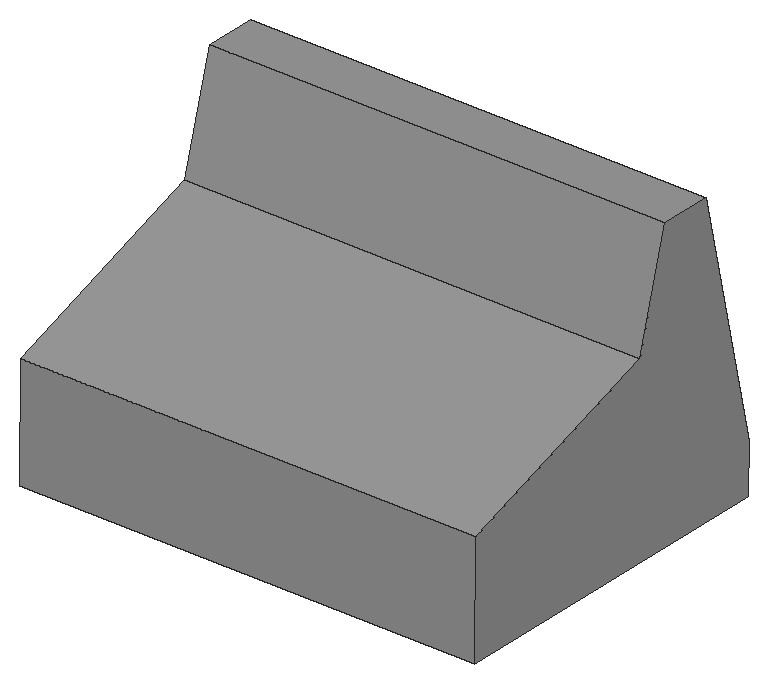
Revit family "Surgical_Scrub_Sink-Willoughby-WSSS-ADA-1", category Plumbing Fixtures, Revit 2015
Parameters (values of type "Standard")
  Waste DIA = 1 1/2"
  Waste Connection = yes
  Vent Connection = no
  URL = "https://www.willoughby-ind.com/wp-content/uploads/2018/01/WSSS-ADA.pdf"
  Revision = "A"
  Model = "WSSS-ADA-1"
  Manufacturer = "Willoughby Industries"
  HW Connection = no
  Fixture Body = Stainless Steel AISI 304-Willoughby
  Description = "ADA-Compliant Surgical Scrub Sink, Single Station"
  Default Elevation = 0' - 0"
  Contact = "800-428-4065"
  CW Connection = no
Reference planes (in)
  plane 1 "Center (Front/Back)": y = 0
  plane 2: z = 0
  plane 3 "Center (Left/Right)": x = 0
  plane 4 "Waste HGT": y = 25
  plane 5 "Bottom Of Sink": y = 16.75
  plane 6 "Top Of Unit": y = 56
  plane 7: x = -16
  plane 8: x = 16
  plane 9: x = -14
  plane 10: x = 14
Forms (in)
  Extrusion 1, solid, material "Stainless Steel AISI 304-Willoughby" <- "Fixture Body"
    sketch origin (0, 0, 0) x (0, 1, 0) y (0, 0, 1)
      loop
        line (15.75, 0) -> (42.75, 0) -> (42.75, 3.9375) -> (32.5625, 3.9375) -> (32.5625, 13.4375) -> (39.01384, 20.69526) -> (38.5, 23) -> (34.5, 23) -> (32, 14.5) -> (15.75, 9) -> (15.75, 0)
    from -16.5 to 16.5
  Extrusion 2, solid, material "Stainless Steel AISI 304-Willoughby" <- "Fixture Body"
    sketch origin (0, 0, 0) x (0, 1, 0) y (0, 0, 1)
      loop
        line (15.75, 9) -> (15.75, 0) -> (42.75, 0) -> (42.75, 3.9375) -> (38.5, 23) -> (34.5, 23) -> (32, 14.5) -> (15.75, 9)
    from -16.5 to -18
  Extrusion 3, solid, material "Stainless Steel AISI 304-Willoughby" <- "Fixture Body"
    sketch origin (0, 0, 0) x (0, 1, 0) y (0, 0, 1)
      loop
        line (15.75, 0) -> (42.75, 0) -> (42.75, 3.9375) -> (38.5, 23) -> (34.5, 23) -> (32, 14.5) -> (15.75, 9) -> (15.75, 0)
    from 16.5 to 18
  Revolve 4, solid, material "Stainless Steel AISI 304-Willoughby" <- "Fixture Body", detail levels fine
    sketch origin (-3.125, 25, 0) x (-1, 0, 0) y (0, 0, 1)
      loop
        line (0, 0) -> (0.75, 0) -> (0.75, 3.5) -> (0, 3.5) -> (0, 0)
      axis (0, 3.5) -> (0, 0)
    angle from 0 to 360
  Sweep 5, solid
    path origin (0, -9.24468, 19.22696) x (0, 0.906308, -0.422618) y (0, 0.422618, 0.906308)
      loop
        line (54.41518, 6.33615) -> (61.18417, 9.49258)
        arc (61.18417, 9.49258) -> (62.55966, 13.27172) -> (58.78053, 14.64721) r 2.84375
        line (58.78053, 14.64721) -> (57.67596, 14.13214)
    profile origin (0, 46.48437, 1.97261) x (0, 0, 1) y (1, 0, 0)
      loop
        circle (-0.00386, 0) r 0.375
  Extrusion 6, solid
    sketch origin (15, 0, 0) x (1, 0, 0) y (0, 1, 0)
      loop
        circle (-6, 25) r 0.25
      loop
        circle (-9, 25) r 0.25
    from 0 to 1
Cuts and joins
  joined: Extrusion 1, Extrusion 2, Extrusion 3
Lines and regions (in)
  symbolic lines
    curve 1: line (16, 56, 0) -> (16, 16.75, 0)
    curve 2: line (16, 16.75, 0) -> (-16, 16.75, 0)
    curve 3: line (-16, 16.75, 0) -> (-16, 56, 0)
    curve 4: line (-16, 56, 0) -> (16, 56, 0)
    curve 14: line (0, 44.77947, 27) -> (0, 16.75, 27)
    curve 15: line (0, 16.75, 27) -> (0, 16.75, 0)
    curve 16: line (0, 16.75, 0) -> (0, 56, 0)
    curve 17: line (0, 56, 0) -> (0, 56, 2.9375)
    curve 18: line (0, 56, 2.9375) -> (0, 44.77947, 27)
    curve 19: line (-16, 25, 0) -> (16, 25, 0)
    curve 20: line (16, 25, 0) -> (16, 25, 27)
    curve 21: line (16, 25, 27) -> (-16, 25, 27)
    curve 22: line (-16, 25, 27) -> (-16, 25, 0)
    curve 23: line (16, 25, 2.9375) -> (-16, 25, 2.9375)
  symbolic lines, detail levels medium+fine
    curve 5: line (14, 52.8125, 0) -> (14, 32.125, 0)
    curve 6: line (14, 32.125, 0) -> (-14, 32.125, 0)
    curve 7: line (-14, 32.125, 0) -> (-14, 52.8125, 0)
    curve 8: line (-14, 52.8125, 0) -> (14, 52.8125, 0)
    curve 24: line (14, 25, 8.25) -> (14, 25, 25.25)
    curve 25: line (14, 25, 25.25) -> (-14, 25, 25.25)
    curve 26: line (-14, 25, 25.25) -> (-14, 25, 8.25)
    curve 27: line (-14, 25, 8.25) -> (14, 25, 8.25)
  symbolic lines, detail levels fine
    curve 9: line (-14, 48.4375, 0) -> (14, 48.4375, 0)
    curve 10: line (-14, 40.9375, 0) -> (14, 40.9375, 0)
    curve 11: line (-14, 34.9375, 0) -> (14, 34.9375, 0)
    curve 12: line (-16, 44.77947, 0) -> (-14, 44.77947, 0)
    curve 13: line (14, 44.77947, 0) -> (16, 44.77947, 0)
    curve 28: line (14, 25, 14.6875) -> (-14, 25, 14.6875)
    curve 29: line (-14, 25, 9.77312) -> (14, 25, 9.77312)
Dimensions and locks (in)
  cut or joined group of Extrusion 1, Extrusion 2, Extrusion 3 to cut or joined group of Extrusion 1, Extrusion 2, Extrusion 3 = 3' - 0"
  aligned and locked: Revolve 4 sketch curve to Revolve 4 sketch curve  (x2)
  aligned and locked: Extrusion 3 to Extrusion 1
  aligned and locked: Extrusion 1 to Extrusion 2
  aligned and locked: Extrusion 1 sketch curve to cut or joined group of Extrusion 1, Extrusion 2, Extrusion 3
Connectors (in)
  piping at (-3.125, 25, 0), diameter 1.5, driven by "Waste DIA", driven by "Waste Connection"
    settings: on Revolve 4, index 1, connector inside diameter 24", connector length 0' - 0", flow factor 0, pipe flow 0 GPM, pressure drop 0.00 psi, fitting loss kfactor 0, connector angle 0.00°, fixture units 0, engagement length 0' - 0", angle of deflection 0.00°, flow configuration 0, flow direction 2, fitting loss method 0, system type 16, joint type 0, gender type 0, connector reference index -1, connector utility 1, adjustable connector no, is connector primary yes, connector description "Sink Waste"
  piping at (9, 25, 1), diameter 0.5
    settings: on Extrusion 6, index 2, connector inside diameter 24", connector length 0' - 0", flow factor 0, pipe flow 0 GPM, pressure drop 0.00 psi, fitting loss kfactor 0, connector angle 0.00°, fixture units 0, engagement length 0' - 0", angle of deflection 0.00°, flow configuration 0, flow direction 0, fitting loss method 0, system type 20, joint type 0, gender type 0, connector reference index -1, connector utility 0, adjustable connector no, is connector primary no, connector description ""
  piping at (6, 25, 1), diameter 0.5
    settings: on Extrusion 6, index 3, connector inside diameter 24", connector length 0' - 0", flow factor 0, pipe flow 0 GPM, pressure drop 0.00 psi, fitting loss kfactor 0, connector angle 0.00°, fixture units 0, engagement length 0' - 0", angle of deflection 0.00°, flow configuration 0, flow direction 0, fitting loss method 0, system type 19, joint type 0, gender type 0, connector reference index -1, connector utility 0, adjustable connector no, is connector primary no, connector description ""
